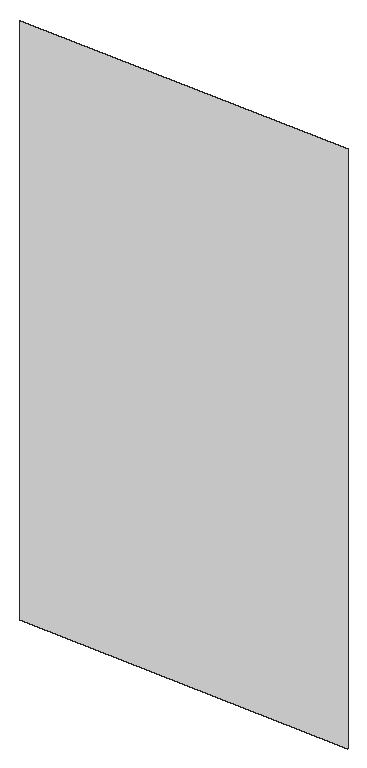
Revit family
Parameters (values of type "단일")
  폭 = 70 mm
  장착 높이 = 305 mm
  레이블 = "GFI"
  높이 = 115 mm
  재료 = 플라스틱 - 흰색
Reference planes
  plane 1: y = 0
  plane 2 "중심(왼쪽/오른쪽)": x = 125
  plane 3 "뒤로": y = 75
  plane 4: z = 305
  plane 5: x = 90
  plane 6: x = 160
  plane 7: z = 362.5
  plane 8: z = 247.5
  plane 9: y = 80
Forms (mm)
  Blend 1, solid, material "플라스틱 - 흰색" <- "재료"
    base sketch origin (0, 75, 0) x (1, 0, 0) y (0, 0, 1)
      loop
        line (160, 362.5) -> (90, 362.5) -> (90, 247.5) -> (160, 247.5) -> (160, 362.5)
    top sketch origin (0, 75, 0) x (1, 0, 0) y (0, 0, 1)
      loop
        line (155, 357.5) -> (95, 357.5) -> (95, 252.5) -> (155, 252.5) -> (155, 357.5)
    from 0 to -5
Text (mm)
  text "측면 배치" at (0, 1270.507, 3001.832), in view "왼쪽"
  text "측면 배치" at (0, 530.812, 2999.686), in view "오른쪽"
Dimensions and locks
  locked: plane 3 "뒤로" to host wall
  "높이": plane 8 to plane 7
  "폭": plane 5 to plane 6
  equal spacing: plane 8, plane 4, plane 7
  equal spacing: plane 5, plane 2 "중심(왼쪽/오른쪽)", plane 6
  "장착 높이": level to plane 4
  locked: plane 3 "뒤로" to plane 9 at 5
  aligned and locked: plane 1 to host wall
  aligned and locked: plane 6 to Blend 1 sketch curve
  aligned and locked: Blend 1 sketch curve to plane 7
  aligned and locked: plane 8 to Blend 1 sketch curve
  aligned and locked: plane 5 to Blend 1 sketch curve
  aligned and locked: plane 3 "뒤로" to Blend 1
  aligned and locked: Blend 1 to plane 9
  aligned and locked: plane 3 "뒤로" to nested 1
Automatic sketch dimensions
  Blend 1 sketch curve to plane 5 = 5 mm
  plane 6 to Blend 1 sketch curve = 5 mm
  Blend 1 sketch curve to plane 8 = 5 mm
  plane 7 to Blend 1 sketch curve = 5 mm
Nested families
  nested 1: "콘센트 주석-레이블" at (125, 75, 0), type "콘센트 주석-레이블"
Definition of nested family "콘센트 주석-레이블"
  Parameters
    레이블 = "GFI"
  Reference planes
    plane 1: y = 0
    plane 2: x = 0
  Lines and regions (mm)
    detail lines
      curve 1: arc (-1.218, 2.706, 0) -> (1.219, 4.039, 0) -> (-1.218, 2.706, 0) r 1.389
      curve 2: line (-0.461, 0.398, 0) -> (-0.461, 4.684, 0)
      curve 3: line (0.461, 0.398, 0) -> (0.461, 4.684, 0)
  Text (mm)
    label "레이블" at (2.068, 2.246, 0), shows "레이블"
